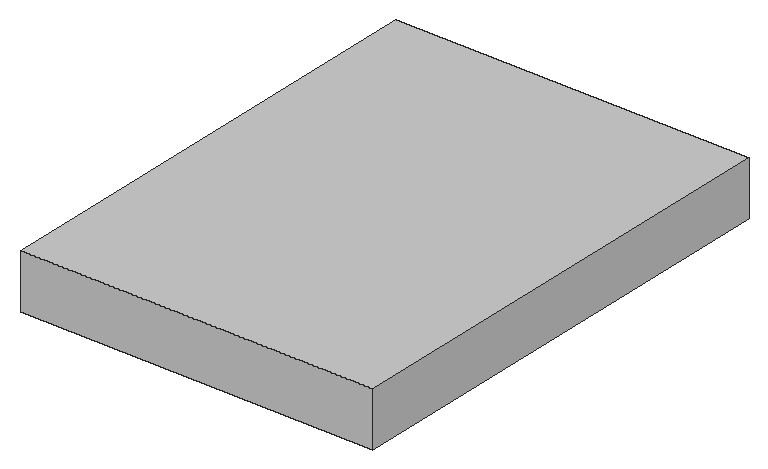
Revit family "Signage_02_Women", category Specialty Equipment, host Face, Revit 2026
Family settings
  Host = Face
  Round Connector Dimension = Use Diameter
  Part Type = Normal
  Classification Number = 23.40.90.11.11
  Enable Cutting in Views = No
  Cut with Voids When Loaded = No
  Maintain Annotation Orientation = No
  Shared = No
  Room Calculation Point = No
Parameters
  thickness = 0.93"
  Length = 6.00"
  Height = 8.00"
  Default Elevation = 48.00"
Reference planes (in)
  plane 1 "Centre (avant/arrière)": y = 0
  plane 2: z = 0
  plane 3 "Centre (gauche/droite)": x = 0
  plane 4: x = -3
  plane 5: y = 4
  plane 6: x = 3
  plane 7: y = -4
  plane 8: z = 0.93
  plane 9: x = -1.17379
  plane 10: x = 1.07708
  plane 11: y = -2.2701
Forms (in)
  Extrusion 1, solid, material "BLACK"
    sketch origin (0, 0, 0) x (1, 0, 0) y (0, 1, 0)
      loop
        line (3, 4) -> (-3, 4) -> (-3, -4) -> (3, -4) -> (3, 4)
    from 0 to 0.93
Lines and regions (in)
  Split face 1
    outline origin (-0.66423, 0, 0.93) x (1, 0, 0) y (0, 1, 0)
      loop
        line (1.15184, -0.00919) -> (2.06339, -0.00919) -> (2.45505, -0.80537) -> (2.73592, -0.64968) -> (2.69072, -0.56814) -> (2.53382, -0.65511) -> (2.14933, 0.12648) -> (1.34184, 0.12648) -> (1.34184, 0.28363) -> (1.79529, 0.28363) -> (1.79529, 0.42454) -> (1.34184, 0.42454) -> (1.34184, 0.84949)
        arc (1.34184, 0.84949) -> (1.3915, 1.29498) -> (1.15184, 0.91618) r 0.23
        line (1.15184, 0.91618) -> (1.15184, -0.00919)
  Split face 2
    outline origin (-0.79017, 0.06743, 0.93) x (1, 0, 0) y (0, 1, 0)
      loop
        line (1.17908, 0.14843) -> (1.17908, 0.36158)
        arc (1.17908, 0.36158) -> (1.02613, -0.87945) -> (2.24283, -0.59103) r 0.76156
        line (2.24283, -0.59103) -> (2.11573, -0.31592)
        arc (2.11573, -0.31592) -> (1.27587, -0.83317) -> (1.17908, 0.14843) r 0.58156
  Split face 3
    outline origin (-1.02356, 0.24111, 0.93) x (1, 0, 0) y (0, 1, 0)
      loop
        circle (-0.16013, 2.37669) r 0.31
  Split face 4
    outline origin (-1.04908, 0.20032, 0.93) x (1, 0, 0) y (0, 1, 0)
      loop
        spline (-0.49031, 2.00407) -> (-0.52937, 1.99883) -> (-0.5494, 1.99141) -> (-0.56129, 1.98354) -> (-0.57178, 1.97571) -> (-0.58284, 1.96655) -> (-0.59585, 1.95345) -> (-0.61102, 1.9358) -> (-0.62805, 1.9139) -> (-0.64657, 1.88798) -> (-0.66571, 1.85775) -> (-0.68428, 1.82254) -> (-0.70107, 1.78166)
        line (-0.70107, 1.78166) -> (-1.04703, 0.78519)
        arc (-1.04703, 0.78519) -> (-0.95519, 0.62123) -> (-0.80167, 0.72963) r 0.12647
        line (-0.80167, 0.72963) -> (-0.51734, 1.52978)
        arc (-0.51734, 1.52978) -> (-0.46169, 1.55625) -> (-0.43522, 1.50059) r 0.04358
        line (-0.43522, 1.50059) -> (-0.94541, 0.06482) -> (-0.47245, 0.06482) -> (-0.47245, -1.01767)
        arc (-0.47245, -1.01767) -> (-0.33437, -1.14655) -> (-0.18397, -1.03229) r 0.14654
        line (-0.18397, -1.03229) -> (-0.18689, 0.06825) -> (-0.06252, 0.06825) -> (-0.06544, -1.03229)
        arc (-0.06544, -1.03229) -> (0.08496, -1.14655) -> (0.22304, -1.01767) r 0.14654
        line (0.22304, -1.01767) -> (0.22304, 0.06482) -> (0.696, 0.06482) -> (0.1858, 1.50059)
        arc (0.1858, 1.50059) -> (0.21227, 1.55625) -> (0.26793, 1.52978) r 0.04358
        line (0.26793, 1.52978) -> (0.55226, 0.72963)
        arc (0.55226, 0.72963) -> (0.70578, 0.62123) -> (0.79762, 0.78519) r 0.12647
        line (0.79762, 0.78519) -> (0.45166, 1.78166)
        spline (0.45166, 1.78166) -> (0.43486, 1.82254) -> (0.41629, 1.85775) -> (0.39715, 1.88798) -> (0.37863, 1.9139) -> (0.36161, 1.9358) -> (0.34644, 1.95345) -> (0.33343, 1.96655) -> (0.32237, 1.97571) -> (0.31188, 1.98354) -> (0.29999, 1.99141) -> (0.27996, 1.99883) -> (0.2409, 2.00407)
        line (0.2409, 2.00407) -> (-0.49031, 2.00407)
  Split face 5
    outline origin (2.44466, 0, 0.93) x (1, 0, 0) y (0, 1, 0)
      loop
        line (-1.82778, -2.2701) -> (-1.82778, -2.89962) -> (-1.36757, -2.89962) -> (-1.36757, -2.81962) -> (-1.74778, -2.81962) -> (-1.74778, -2.62055) -> (-1.39492, -2.62055) -> (-1.39492, -2.54055) -> (-1.74778, -2.54055) -> (-1.74778, -2.3501) -> (-1.36757, -2.3501) -> (-1.36757, -2.2701) -> (-1.82778, -2.2701)
  Split face 6
    outline origin (-1.99972, 0.00382, 0.93) x (1, 0, 0) y (0, 1, 0)
      loop
        spline (1.45522, -2.32645) -> (1.39635, -2.33526) -> (1.3415, -2.36106) -> (1.29439, -2.40211) -> (1.25824, -2.45561) -> (1.23552, -2.5179) -> (1.22777, -2.58476) -> (1.23552, -2.65161) -> (1.25824, -2.71391) -> (1.29439, -2.7674) -> (1.3415, -2.80845) -> (1.39635, -2.83426) -> (1.45522, -2.84306)
        spline (1.45522, -2.84306) -> (1.51409, -2.83426) -> (1.56895, -2.80845) -> (1.61605, -2.7674) -> (1.6522, -2.71391) -> (1.67492, -2.65161) -> (1.68267, -2.58476) -> (1.67492, -2.5179) -> (1.6522, -2.45561) -> (1.61605, -2.40211) -> (1.56895, -2.36106) -> (1.51409, -2.33526) -> (1.45522, -2.32645)
  Split face 7
    outline origin (-1.99972, 0.00382, 0.93) x (1, 0, 0) y (0, 1, 0)
      loop
        spline (1.45522, -2.25645) -> (1.37597, -2.26829) -> (1.30311, -2.30252) -> (1.24194, -2.35587) -> (1.19584, -2.42388) -> (1.16741, -2.50182) -> (1.15777, -2.58476) -> (1.16741, -2.66769) -> (1.19584, -2.74563) -> (1.24194, -2.81364) -> (1.30311, -2.86699) -> (1.37597, -2.90123) -> (1.45522, -2.91306)
        spline (1.45522, -2.91306) -> (1.53447, -2.90123) -> (1.60733, -2.86699) -> (1.6685, -2.81364) -> (1.7146, -2.74563) -> (1.74303, -2.66769) -> (1.75267, -2.58476) -> (1.74303, -2.50182) -> (1.7146, -2.42388) -> (1.6685, -2.35587) -> (1.60733, -2.30252) -> (1.53447, -2.26829) -> (1.45522, -2.25645)
  Split face 8
    outline origin (-1.98875, 0.00072, 0.93) x (1, 0, 0) y (0, 1, 0)
      loop
        line (1.85363, -2.2695) -> (1.85363, -2.89962) -> (1.93363, -2.89962) -> (1.93363, -2.36601) -> (2.11737, -2.89962) -> (2.20233, -2.89962) -> (2.38607, -2.36601) -> (2.38607, -2.89962) -> (2.46607, -2.89962) -> (2.46607, -2.2695) -> (2.34527, -2.2695) -> (2.15985, -2.80799) -> (1.97443, -2.2695) -> (1.85363, -2.2695)
  Split face 9
    outline origin (1.34608, -0.09127, 0.93) x (1, 0, 0) y (0, 1, 0)
      loop
        circle (-0.94914, -3.29135) r 0.03228
  Split face 10
    outline origin (1.4421, -0.19205, 0.93) x (1, 0, 0) y (0, 1, 0)
      loop
        circle (-0.94914, -3.29135) r 0.03228
  Split face 11
    outline origin (0.74266, 0.00745, 0.93) x (1, 0, 0) y (0, 1, 0)
      loop
        circle (-0.94914, -3.29135) r 0.03228
  Split face 12
    outline origin (0.74266, -0.18786, 0.93) x (1, 0, 0) y (0, 1, 0)
      loop
        circle (-0.94914, -3.29135) r 0.03228
  Split face 13
    outline origin (0.84732, -0.08711, 0.93) x (1, 0, 0) y (0, 1, 0)
      loop
        circle (-0.94914, -3.29135) r 0.03228
  Split face 14
    outline origin (1.04503, 0.00354, 0.93) x (1, 0, 0) y (0, 1, 0)
      loop
        circle (-0.94914, -3.29135) r 0.03228
  Split face 15
    outline origin (1.04503, -0.19177, 0.93) x (1, 0, 0) y (0, 1, 0)
      loop
        circle (-0.94914, -3.29135) r 0.03228
  Split face 16
    outline origin (0, 0, 0.93) x (1, 0, 0) y (0, 1, 0)
      loop
        line (-1.60847, -2.26877) -> (-1.6891, -2.26877) -> (-1.50842, -2.8989) -> (-1.43877, -2.8989) -> (-1.28943, -2.3781) -> (-1.14009, -2.8989) -> (-1.07044, -2.8989) -> (-0.89014, -2.2701) -> (-0.97073, -2.2701) -> (-1.10527, -2.80973) -> (-1.23981, -2.2701) -> (-1.33905, -2.2701) -> (-1.47359, -2.80973) -> (-1.60847, -2.26877)
  Split face 17
    outline origin (-0.66554, 0.00072, 0.93) x (1, 0, 0) y (0, 1, 0)
      loop
        line (1.85363, -2.2695) -> (1.85363, -2.89962) -> (1.92972, -2.89962) -> (1.92972, -2.36601) -> (2.26316, -2.89962) -> (2.35129, -2.89962) -> (2.35129, -2.2695) -> (2.27129, -2.2695) -> (2.27129, -2.79304) -> (1.94415, -2.2695) -> (1.85363, -2.2695)
  Split face 18
    outline origin (-1.3568, 0.00977, 0.93) x (0, 1, 0) y (-1, 0, 0)
      loop
        circle (-3.29135, -0.94914) r 0.03228
  Split face 19
    outline origin (-1.3568, -0.09172, 0.93) x (0, 1, 0) y (-1, 0, 0)
      loop
        circle (-3.29135, -0.94914) r 0.03228
  Split face 20
    outline origin (-1.45343, -0.08781, 0.93) x (0, 1, 0) y (-1, 0, 0)
      loop
        circle (-3.29135, -0.94914) r 0.03228
  Split face 21
    outline origin (-1.3568, -0.19164, 0.93) x (0, 1, 0) y (-1, 0, 0)
      loop
        circle (-3.29135, -0.94914) r 0.03228
  Split face 22
    outline origin (1.14653, 0.00354, 0.93) x (1, 0, 0) y (0, 1, 0)
      loop
        circle (-0.94914, -3.29135) r 0.03228
Dimensions and locks (in)
  equal spacing: plane 5, plane 1 "Centre (avant/arrière)", plane 7
  "Height": plane 5 to plane 7
  equal spacing: plane 4, plane 3 "Centre (gauche/droite)", plane 6
  "Length": plane 4 to plane 6
  "thickness": level to plane 8
  aligned and locked: plane 2 to host face
  aligned and locked: level to host face
  aligned and locked: plane 6 to Extrusion 1 sketch curve
  aligned and locked: plane 5 to Extrusion 1 sketch curve
  aligned and locked: Extrusion 1 sketch curve to plane 4
  aligned and locked: Extrusion 1 sketch curve to plane 7
  aligned and locked: level to Extrusion 1
  aligned and locked: plane 8 to Extrusion 1
Automatic sketch dimensions
  host sketch curve to host sketch curve = 96.00"  (x2)
  Split face 1 sketch curve to Extrusion 1 = 2.51239"
  Split face 1 sketch curve to Split face 1 sketch curve = 0.16349"
  Split face 1 sketch curve to Split face 1 sketch curve = 0.19"  (x2)
  Split face 1 sketch curve to Split face 1 sketch curve = 0.45345"
  Split face 1 sketch curve to Split face 1 sketch curve = 0.2681"
  Split face 1 sketch curve to Split face 1 sketch curve = 0.08595"
  Split face 1 sketch curve to Split face 1 sketch curve = 0.39167"
  Split face 1 sketch curve to Split face 1 sketch curve = 0.07877"
  Split face 1 sketch curve to Split face 1 sketch curve = 0.1569"
  Split face 1 sketch curve to Split face 1 sketch curve = 0.0452"
  Split face 1 sketch curve to Extrusion 1 = 3.19463"
  Split face 1 sketch curve to Split face 1 sketch curve = 0.15026"
  Split face 1 sketch curve to Split face 1 sketch curve = 0.64591"
  Split face 1 sketch curve to Split face 1 sketch curve = 0.13567"
  Split face 1 sketch curve to Split face 1 sketch curve = 0.15714"
  Split face 1 sketch curve to Split face 1 sketch curve = 0.14091"
  Split face 1 sketch curve to Split face 1 sketch curve = 0.42495"
  Split face 1 sketch curve to Split face 1 sketch curve = 0.06669"
  Split face 2 sketch curve to Split face 2 sketch curve = 0.00"  (x2)
  Split face 2 sketch curve to Extrusion 1 = 2.61109"
  Split face 2 sketch curve to Split face 2 sketch curve = 0.3551"
  Split face 2 sketch curve to Split face 2 sketch curve = 0.58155"
  Split face 2 sketch curve to Split face 2 sketch curve = 0.1271"
  Split face 2 sketch curve to Extrusion 1 = 3.47639"
  Split face 2 sketch curve to Split face 2 sketch curve = 0.27511"
  Split face 2 sketch curve to Split face 2 sketch curve = 0.0038"
  Split face 3 sketch curve to Extrusion 1 = 1.81631"
  Split face 3 sketch curve to Extrusion 1 = 1.3822"
  Split face 4 sketch curve to Extrusion 1 = 0.90389"
  Split face 4 sketch curve to Split face 4 sketch curve = 0.10161"
  Split face 4 sketch curve to Split face 4 sketch curve = 0.11977"  (x2)
  Split face 4 sketch curve to Split face 4 sketch curve = 0.12558"  (x2)
  Split face 4 sketch curve to Split face 4 sketch curve = 0.34596"
  Split face 4 sketch curve to Split face 4 sketch curve = 0.18373"
  Split face 4 sketch curve to Split face 4 sketch curve = 0.21076"  (x2)
  Split face 4 sketch curve to Split face 4 sketch curve = 0.04106"  (x4)
  Split face 4 sketch curve to Split face 4 sketch curve = 0.47297"  (x2)
  Split face 4 sketch curve to Split face 4 sketch curve = 0.14549"
  Split face 4 sketch curve to Split face 4 sketch curve = 0.28556"  (x2)
  Split face 4 sketch curve to Split face 4 sketch curve = 0.14298"  (x2)
  Split face 4 sketch curve to Split face 4 sketch curve = 0.11853"
  Split face 4 sketch curve to Split face 4 sketch curve = 0.12437"
  Split face 4 sketch curve to Split face 4 sketch curve = 0.62102"
  Split face 4 sketch curve to Split face 4 sketch curve = 0.01403"
  Split face 4 sketch curve to Split face 4 sketch curve = 0.32922"
  Split face 4 sketch curve to Extrusion 1 = 3.16803"
  Split face 4 sketch curve to Split face 4 sketch curve = 0.00"  (x3)
  Split face 4 sketch curve to Split face 4 sketch curve = 0.01462"  (x2)
  Split face 4 sketch curve to Split face 4 sketch curve = 1.08249"
  Split face 4 sketch curve to Split face 4 sketch curve = 0.00342"
  Split face 4 sketch curve to Split face 4 sketch curve = 0.6648"  (x2)
  Split face 4 sketch curve to Split face 4 sketch curve = 0.01495"  (x2)
  Split face 4 sketch curve to Split face 4 sketch curve = 0.77097"
  Split face 4 sketch curve to Split face 4 sketch curve = 0.01459"  (x2)
  Split face 4 sketch curve to Split face 4 sketch curve = 0.25188"  (x2)
  Split face 4 sketch curve to Split face 4 sketch curve = 0.22241"
  Split face 5 sketch curve to Extrusion 1 = 1.10038"
  Split face 5 sketch curve to Extrusion 1 = 2.38313"
  Split face 5 sketch curve to Split face 5 sketch curve = 0.08"  (x5)
  Split face 5 sketch curve to Split face 5 sketch curve = 0.35287"
  Split face 5 sketch curve to Split face 5 sketch curve = 0.02734"  (x2)
  Split face 5 sketch curve to Split face 5 sketch curve = 0.19907"
  Split face 5 sketch curve to Split face 5 sketch curve = 0.19044"
  Split face 6 sketch curve to Extrusion 1 = 2.45551"
  Split face 6 sketch curve to Extrusion 1 = 1.41906"
  Split face 6 sketch curve to Split face 6 sketch curve = 0.2583"
  Split face 7 sketch curve to Extrusion 1 = 1.09076"
  Split face 7 sketch curve to Extrusion 1 = 2.45551"
  Split face 7 sketch curve to Split face 7 sketch curve = 0.65661"
  Split face 8 sketch curve to Extrusion 1 = 2.86488"
  Split face 8 sketch curve to Split face 8 sketch curve = 0.08"
  Split face 8 sketch curve to Split face 8 sketch curve = 0.0408"
  Split face 8 sketch curve to Extrusion 1 = 1.1011"
  Split face 8 sketch curve to Split face 8 sketch curve = 0.18374"  (x2)
  Split face 8 sketch curve to Extrusion 1 = 1.19273"
  Split face 8 sketch curve to Split face 8 sketch curve = 0.04248"
  Split face 8 sketch curve to Split face 8 sketch curve = 0.08496"
  Split face 8 sketch curve to Split face 8 sketch curve = 0.37084"
  Split face 8 sketch curve to Split face 8 sketch curve = 0.1208"
  Split face 8 sketch curve to Split face 8 sketch curve = 0.00"  (x3)
  Split face 8 sketch curve to Split face 8 sketch curve = 0.44198"
  Split face 8 sketch curve to Split face 8 sketch curve = 0.09651"  (x2)
  Split face 9 sketch curve to Extrusion 1 = 0.61738"
  Split face 9 sketch curve to Extrusion 1 = 2.60306"
  Split face 10 sketch curve to Extrusion 1 = 0.51659"
  Split face 10 sketch curve to Extrusion 1 = 2.50704"
  Split face 11 sketch curve to Extrusion 1 = 0.7161"
  Split face 11 sketch curve to Extrusion 1 = 2.79352"
  Split face 12 sketch curve to Extrusion 1 = 0.52079"
  Split face 12 sketch curve to Extrusion 1 = 2.79352"
  Split face 13 sketch curve to Extrusion 1 = 0.62154"
  Split face 13 sketch curve to Extrusion 1 = 2.89818"
  Split face 14 sketch curve to Extrusion 1 = 0.71219"
  Split face 14 sketch curve to Extrusion 1 = 2.90411"
  Split face 15 sketch curve to Extrusion 1 = 0.51688"
  Split face 15 sketch curve to Extrusion 1 = 2.90411"
  Split face 16 sketch curve to Extrusion 1 = 1.3109"
  Split face 16 sketch curve to Split face 16 sketch curve = 0.08063"
  Split face 16 sketch curve to Split face 16 sketch curve = 0.10005"
  Split face 16 sketch curve to Split face 16 sketch curve = 0.03482"  (x2)
  Split face 16 sketch curve to Split face 16 sketch curve = 0.06965"  (x2)
  Split face 16 sketch curve to Split face 16 sketch curve = 0.26942"
  Split face 16 sketch curve to Split face 16 sketch curve = 0.04962"
  Split face 16 sketch curve to Split face 16 sketch curve = 0.09923"
  Split face 16 sketch curve to Split face 16 sketch curve = 0.29867"
  Split face 16 sketch curve to Split face 16 sketch curve = 0.26909"
  Split face 16 sketch curve to Split face 16 sketch curve = 0.08058"
  Split face 16 sketch curve to Extrusion 1 = 1.1011"
  Split face 16 sketch curve to Split face 16 sketch curve = 0.00"  (x2)
  Split face 16 sketch curve to Split face 16 sketch curve = 0.08916"  (x2)
  Split face 16 sketch curve to Split face 16 sketch curve = 0.43163"
  Split face 16 sketch curve to Split face 16 sketch curve = 0.108"
  Split face 16 sketch curve to Split face 16 sketch curve = 0.00133"
  Split face 17 sketch curve to Extrusion 1 = 1.81191"
  Split face 17 sketch curve to Split face 17 sketch curve = 0.07609"
  Split face 17 sketch curve to Split face 17 sketch curve = 0.09052"
  Split face 17 sketch curve to Split face 17 sketch curve = 0.33344"
  Split face 17 sketch curve to Split face 17 sketch curve = 0.00813"
  Split face 17 sketch curve to Split face 17 sketch curve = 0.08813"
  Split face 17 sketch curve to Extrusion 1 = 1.1011"
  Split face 17 sketch curve to Split face 17 sketch curve = 0.00"
  Split face 17 sketch curve to Split face 17 sketch curve = 0.10659"
  Split face 17 sketch curve to Split face 17 sketch curve = 0.53361"
  Split face 17 sketch curve to Split face 17 sketch curve = 0.09651"  (x2)
  Split face 18 sketch curve to Extrusion 1 = 0.71841"
  Split face 18 sketch curve to Extrusion 1 = 2.59234"
  Split face 19 sketch curve to Extrusion 1 = 0.61693"
  Split face 19 sketch curve to Extrusion 1 = 2.59234"
  Split face 20 sketch curve to Extrusion 1 = 0.62084"
  Split face 20 sketch curve to Extrusion 1 = 2.49571"
  Split face 21 sketch curve to Extrusion 1 = 0.51701"
  Split face 21 sketch curve to Extrusion 1 = 2.59234"
  Split face 22 sketch curve to Extrusion 1 = 0.71219"
  Split face 22 sketch curve to Extrusion 1 = 2.80261"
  radius of Split face 3 sketch curve = 0.31"
  radius of Split face 9 sketch curve = 0.03228"
  radius of Split face 10 sketch curve = 0.03228"
  radius of Split face 11 sketch curve = 0.03228"
  radius of Split face 12 sketch curve = 0.03228"
  radius of Split face 13 sketch curve = 0.03228"
  radius of Split face 14 sketch curve = 0.03228"
  radius of Split face 15 sketch curve = 0.03228"
  radius of Split face 18 sketch curve = 0.03228"
  radius of Split face 19 sketch curve = 0.03228"
  radius of Split face 20 sketch curve = 0.03228"
  radius of Split face 21 sketch curve = 0.03228"
  radius of Split face 22 sketch curve = 0.03228"
